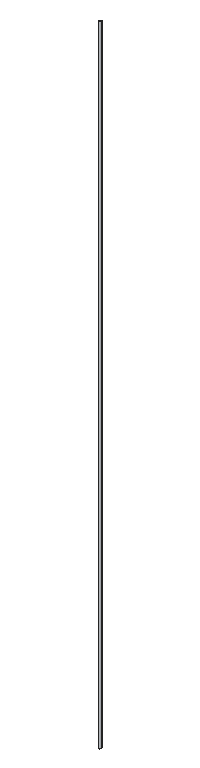
Revit family "Gewindestangen", category HLS-Bauteile, Revit 2017
Family settings
  Bemaßung runder Anschluss = Durchmesser verwenden
  Teiletyp = Normal
  Arbeitsebenenbasiert = Ja
  Immer vertikal = Nein
  Beim Laden mit Abzugskörper schneiden = Nein
  Gemeinsam genutzt = Ja
  Raumberechnungspunkt = Nein
Parameters (values of type "Gewindestange M12x3000")
  vpe = "25"
  Default Elevation = 1219.2 mm
  Regelhalter [instance] = ""
  Montagelänge [instance] = 3000 mm
  Mengeneinheit = "St"
  Material = "Stahl"
  Kurztext2 = "M12 x 3000 mm gvz FK 4.6"
  Kurztext1 = "Gewindestange DIN 976-1"
  Gewinde = "M12"
  Gewicht pro Stück [instance] = (Gewicht * Montagelänge / (1000 mm * 1000)) * 1000  # 2.205 kg
  Gewicht pro Bauteil [instance] = Gewicht  # 0.735 kg
  Gewicht = 0.735 kg
  Festigkeitsklasse = "4.6"
  Fabrikat = "MEFA"
  EAN = "4250928416551"
  D = 9.9 mm
  Artikelnummer = "0730521"
Types (13, lengths in mm): name | vpe | Montagelänge | Kurztext2 | Gewinde | Gewicht pro Stück | Gewicht pro Bauteil | Gewicht | EAN | D | Artikelnummer
  (no name) | "25" | 3000 | "M12 x 3000 mm gvz FK 4.6" | "M12" | 2.205 kg | 0.735 kg | 0.735 kg | "4250928416551" | 9.9 | "0730521"
  Gewindestange M8x1000 | "50" | 1000 | "M8 x 1000 mm gvz FK 4.6" | "M8" | 0.326 kg | 0.326 kg | 0.326 kg | "4250928416452" | 6.5 | "0730084"
  Gewindestange M8x2000 | "25" | 2000 | "M8 x 2000 mm gvz FK 4.6" | "M8" | 0.652 kg | 0.326 kg | 0.326 kg | "4250928416490" | 6.5 | "0730289"
  Gewindestange M8x3000 | "50" | 3000 | "M8 x 3000 mm gvz FK 4.6" | "M8" | 0.978 kg | 0.326 kg | 0.326 kg | "4250928416537" | 6.5 | "0730483"
  Gewindestange M10x1000 | "25" | 1000 | "M10 x 1000 mm gvz FK 4.6" | "M10" | 0.51 kg | 0.51 kg | 0.51 kg | "4250928416469" | 8.2 | "0730106"
  Gewindestange M10x2000 | "20" | 2000 | "M10 x 2000 mm gvz FK 4.6" | "M10" | 1.02 kg | 0.51 kg | 0.51 kg | "4250928416506" | 8.2 | "0730300"
  Gewindestange M10x3000 | "25" | 3000 | "M10 x 3000 mm gvz FK 4.6" | "M10" | 1.53 kg | 0.51 kg | 0.51 kg | "4250928416544" | 8.2 | "0730505"
  Gewindestange M12x1000 | "25" | 1000 | "M12 x 1000 mm gvz FK 4.6" | "M12" | 0.735 kg | 0.735 kg | 0.735 kg | "4250928416476" | 9.9 | "0730122"
  Gewindestange M12x2000 | "20" | 2000 | "M12 x 2000 mm gvz FK 4.6" | "M12" | 1.47 kg | 0.735 kg | 0.735 kg | "4250928416513" | 9.9 | "0730327"
  Gewindestange M12x3000 | "25" | 3000 | "M12 x 3000 mm gvz FK 4.6" | "M12" | 2.205 kg | 0.735 kg | 0.735 kg | "4250928416551" | 9.9 | "0730521"
  Gewindestange M16x1000 | "10" | 1000 | "M16 x 1000 mm gvz FK 4.6" | "M16" | 1.306 kg | 1.306 kg | 1.306 kg | "4250928416483" | 13.6 | "0730165"
  Gewindestange M16x2000 | "10" | 2000 | "M16 x 2000 mm gvz FK 4.6" | "M16" | 2.612 kg | 1.306 kg | 1.306 kg | "4250928416520" | 13.6 | "0730378"
  Gewindestange M16x3000 | "20" | 3000 | "M16 x 3000 mm gvz FK 4.6" | "M16" | 3.918 kg | 1.306 kg | 1.306 kg | "4250928416568" | 13.6 | "0730564"
Reference planes
  plane 1 "Mitte (Vorne/hinten)": y = 0
  plane 2: z = 0
  plane 3 "Mitte (Links/rechts)": x = 0
  plane 4: z = 3000
Forms (mm)
  Extrusion 1, solid
    sketch origin (0, 0, 0) x (1, 0, 0) y (0, 1, 0)
      loop
        circle (0, 0) r 4.95
    from 0 to 3000 <- "Montagelänge"
Lines and regions (mm)
  model lines, not visible
    curve 1: line (9.299, 0, 3000) -> (-10.701, 0, 3000)
    curve 2: line (0, 15.717, 3000) -> (0, -4.283, 3000)
    curve 3: line (0, 10.717, 0) -> (0, -9.283, 0)
    curve 4: line (6.799, 0, 0) -> (-13.201, 0, 0)
    curve 5: line (0, 0, 3067.337) -> (0, 0, -112.663)
Dimensions and locks
  "Montagelänge": level to plane 4
  "D": diameter of Extrusion 1 sketch curve
  aligned and locked: level to plane 2
  aligned and locked: Extrusion 1 to level
  aligned and locked: Extrusion 1 to curve 1
  aligned and locked: plane 4 to Extrusion 1
  aligned and locked: curve 2 to plane 4
  aligned and locked: curve 3 to level
  aligned and locked: curve 4 to level
  aligned and locked: curve 5 to plane 3 "Mitte (Links/rechts)"
  aligned and locked: curve 5 to plane 1 "Mitte (Vorne/hinten)"
Automatic sketch dimensions
  plane 1 "Mitte (Vorne/hinten)" to curve 2 = 4.283 mm
  plane 1 "Mitte (Vorne/hinten)" to curve 3 = 9.283 mm
  curve 3 to plane 1 "Mitte (Vorne/hinten)" = 10.717 mm
  curve 2 to plane 1 "Mitte (Vorne/hinten)" = 15.717 mm
  curve 4 to plane 3 "Mitte (Links/rechts)" = 13.201 mm
  curve 1 to plane 3 "Mitte (Links/rechts)" = 10.701 mm
  plane 3 "Mitte (Links/rechts)" to curve 4 = 6.799 mm
  plane 3 "Mitte (Links/rechts)" to curve 1 = 9.299 mm
  curve 5 to level = 112.663 mm
  plane 4 to curve 5 = 67.337 mm
  plane 1 "Mitte (Vorne/hinten)" to Extrusion 1 sketch curve = 0 mm
  Extrusion 1 sketch curve to plane 3 "Mitte (Links/rechts)" = 0 mm
